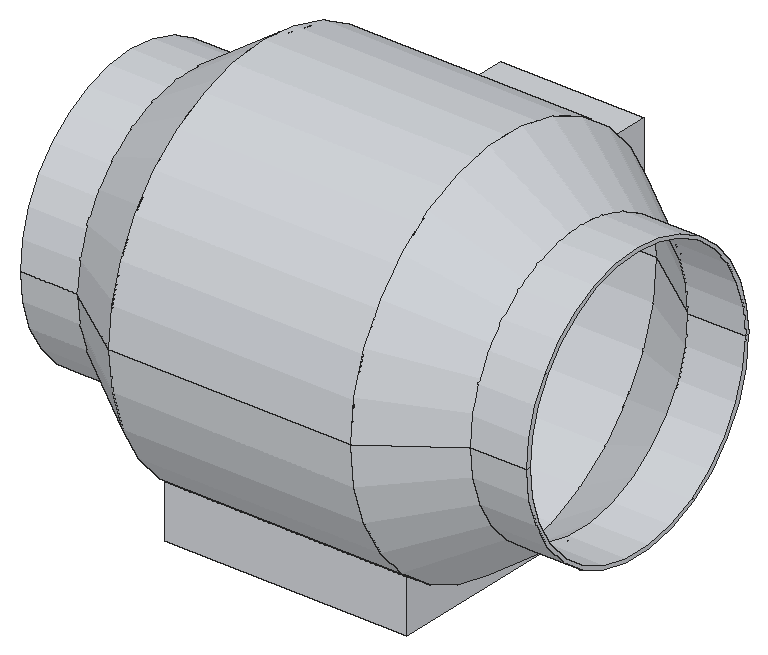
Revit family "VENTS TT PRO", category Mechanical Equipment, Revit 2020
Family settings
  Round Connector Dimension = Use Diameter
  Part Type = Breaks Into
  Work Plane-Based = No
  Always vertical = No
  Cut with Voids When Loaded = No
  Shared = No
  Room Calculation Point = No
Parameters (values of type "TT PRO 160")
  Угол = 60.00°
  Использовать масштаб аннотаций [instance] = 0
  Service zone = no
  Model = "ТТ PRO"
  Variable Speed Drive = no
  Sound Pressure Level at 3m  dBA (Min/Max) = "32/44"
  Service Zone 2 = 2 * LL1  # 289 mm
  Service Zone 1 = (R2 * 2) + 20 mm  # 240.2 mm
  Service Zone = R2 + 50 mm  # 160.1 mm
  Power min = 42 W
  Power max = 50 W
  PValue [instance] = 0.0 Pa
  Motor IP Rating = "IPX4"
  WW2 = 52 mm
  WW1 = 70 mm
  W = 500 mm
  Voltage = 230 V
  URL = "https://ventilation-system.com/product/tt-pro-160#characteristic"
  RR4 = 12 mm
  RR3 = 43.351 mm
  R3 = 49 mm
  R2 = 110.1 mm
  R1 = 79 mm
  Productdata [instance] = ""
  PE = 115 mm
  PC = 134 mm
  Manufacturer = "VENTS"
  Mass = 3.25 kg
  MC Product Code = "ТТ PRO 160"
  LL7 = 98 mm
  LL6 = 43 mm
  L8 = 82 mm
  LL4 = 41 mm
  LL3 = 69 mm
  LL2 = 112 mm
  LL1 = 144.5 mm
  Ingress Protection Rating = "IPX4"
  HH3 = R2  # 110.1 mm
  HH2 = 49 mm
  HH1 = 50 mm
  Description = "Inline mixed-flow fan"
  FlowMin = 415.0 m³/h
  FlowMax = 565.0 m³/h
  Flow [instance] = 565.0 m³/h
  EC motor = no
  Default Elevation = 0 mm
  D = 160 mm
  Current.Min = 0.19 A
  Current.Max = 0.22 A
  Certification = "by Manifacturer"
  CAT2 = yes
  CAT1 = yes
  CAT0 = yes
Types (7, lengths in mm): name | Service zone | Sound Pressure Level at 3m  dBA (Min/Max) | Service Zone 2 | Service Zone 1 | Service Zone | Power min | Power max | WW2 | WW1 | URL | RR3 | R2 | R1 | PE | PC | Mass | MC Product Code | LL6 | L8 | LL4 | LL3 | LL2 | LL1 | HH3 | HH2 | HH1 | FlowMin | FlowMax | Flow | D | Current.Min | Current.Max
  TT PRO 160 | no | "32/44" | 289 | 240.2 | 160.1 | 42 W | 50 W | 52 | 70 | "https://ventilation-system.com/product/tt-pro-160#characteristic" | 43.351 | 110.1 | 79 | 115 | 134 | 3.25 kg | "ТТ PRO 160" | 43 | 82 | 41 | 69 | 112 | 144.5 | 110.1 | 49 | 50 | 415.0 m³/h | 565.0 m³/h | 565.0 m³/h | 160 | 0.19 A | 0.22 A
  TT PRO 200 | no | "39/45" | 295.6 | 259 | 169.5 | 76 W | 108 W | 52 | 70 | "https://ventilation-system.com/product/tt-pro-200#characteristic" | 43.351 | 119.5 | 99.5 | 130 | 131 | 3.95 kg | "ТТ PRO 200" | 43 | 82 | 41 | 70 | 115 | 147.8 | 119.5 | 49 | 50 | 830.0 m³/h | 1040.0 m³/h | 1040.0 m³/h | 200 | 0.34 A | 0.48 A
  TT PRO 250 | yes | "44/51" | 383 | 307 | 193.5 | 125 W | 177 W | 72 | 70 | "https://ventilation-system.com/product/tt-pro-250#characteristic" | 50 | 143.5 | 123 | 153 | 170 | 7.80 kg | "ТТ PRO 250" | 88.5 | 108 | 54 | 119 | 150 | 191.5 | 143.5 | 49 | 50 | 1110.0 m³/h | 1400.0 m³/h | 1400.0 m³/h | 250 | 0.79 A | 0.54 A
  TT PRO 315 | yes | "41/52" | 445 | 382 | 231 | 230 W | 320 W | 102 | 100 | "https://ventilation-system.com/product/tt-315#characteristic" | 50 | 181 | 155 | 200 | 208 | 11.95 kg | "ТТ PRO 315" | 118 | 108 | 54 | 155 | 192 | 222.5 | 181 | 132 | 67.5 | 1570.0 m³/h | 2050.0 m³/h | 2050.0 m³/h | 315 | 1 A | 1.42 A
  TT PRO 150 | yes | "32/44" | 289 | 240.2 | 160.1 | 42 W | 50 W | 58 | 56 | "https://ventilation-system.com/product/tt-pro-150#characteristic" | 50 | 110.1 | 74 | 113 | 134 | 2.95 kg | "ТТ PRO 150" | 118 | 108 | 54 | 71 | 112 | 144.5 | 110.1 | 132 | 67.5 | 415.0 m³/h | 565.0 m³/h | 565.0 m³/h | 150 | 0.19 A | 0.22 A
  TT PRO 125 | yes | "29/34" | 258.6 | 215.6 | 147.8 | 25 W | 29 W | 52 | 50 | "https://ventilation-system.com/product/tt-pro-125#characteristic" | 31 | 97.8 | 61.5 | 103 | 123 | 2.15 kg | "ТТ PRO 125" | 43 | 82 | 41 | 67 | 100 | 129.3 | 97.8 | 49 | 50 | 240.0 m³/h | 350.0 m³/h | 350.0 m³/h | 125 | 0.11 A | 0.13 A
  TT PRO 100 | yes | "27/32" | 302.6 | 215.8 | 147.9 | 23 W | 25 W | 52 | 50 | "https://ventilation-system.com/product/tt-pro-100#characteristic" | 31 | 97.9 | 48.5 | 103 | 123 | 1.75 kg | "ТТ PRO 100" | 43 | 82 | 41 | 65 | 120 | 151.3 | 97.9 | 49 | 50 | 180.0 m³/h | 245.0 m³/h | 245.0 m³/h | 100 | 0.1 A | 0.11 A
Reference planes
  plane 1 "Center (Front/Back)": y = 0
  plane 2 "XYPLANE": z = 0
  plane 3 "Center (Left/Right)": x = 0
  plane 4 "219": y = 0
  plane 5 "218": z = -110.1
  plane 6 "217": y = -52
  plane 7 "216": y = 52
  plane 8 "215": z = -49
  plane 9 "214": y = -70
  plane 10 "213": y = 70
  plane 11 "212": z = -115
  plane 12 "211": x = -43
  plane 13 "210": y = 49
  plane 14 "209": z = 50
  plane 15 "208": z = -50
  plane 16 "207": y = 134
  plane 17 "206": x = -41
  plane 18 "205": z = 0
  plane 19 "204": y = 110.1
  plane 20 "203": y = 79
  plane 21 "202": x = 144.5
  plane 22 "201": x = 112
  plane 23 "200": x = 69
  plane 24 "199": x = -69
  plane 25 "198": x = -112
  plane 26 "197": x = -144.5
  plane 27: y = -50
  plane 28: y = 50
  plane 29: y = 0
  plane 30: y = 0
Forms (mm)
  Extrusion 1, solid, visible <- "CAT0", detail levels fine
    sketch origin (-41, -750, 0) x (0, 1, 0) y (0, 0, 1)
      loop
        arc (848.092, 50) -> (860.1, 0) -> (848.092, -50) r 110.1
        line (848.092, -50) -> (884, -50) -> (884, 50) -> (848.092, 50)
    from 0 to 82 <- "L8"
  Revolve 2, solid, visible <- "CAT0", detail levels medium+fine
    sketch origin (-147.5, 75, 0) x (0, 1, 0) y (-1, 0, 0)
      loop
        line (4, -3) -> (2, -3) -> (2, -35.931) -> (33.1, -78.931) -> (33.1, -216.069) -> (2, -259.069) -> (2, -292) -> (4, -292) -> (4, -259.5) -> (35.1, -216.5) -> (35.1, -78.5) -> (4, -35.5) -> (4, -3)
      axis (-75, -3) -> (-75, -292)
    angle from 0 to 360
  Extrusion 3, solid, not visible
    sketch origin (-144.5, -750, 0) x (0, 1, 0) y (0, 0, 1)
      loop
        circle (750, 0) r 10
    from 0 to 10
  Extrusion 4, solid, not visible
    sketch origin (144.5, -750, 0) x (0, 1, 0) y (0, 0, 1)
      loop
        circle (750, 0) r 10
    from 0 to -10
  Extrusion 5, solid, material "Service zone", visible <- "Service zone", detail levels medium+fine
    sketch origin (61.3, 0, 0) x (1, 0, 0) y (0, 0, 1)
      loop
        line (-205.8, 125.2) -> (-205.8, -146.113) -> (83.2, -146.113) -> (83.2, 125.2) -> (-205.8, 125.2)
    from 0 to -160.1
  Extrusion 6, solid, detail levels fine
    sketch origin (-41, -721.809, 3) x (0, 1, 0) y (0, 0, 1)
      loop
        line (651.809, -87.982) -> (651.809, -118) -> (791.809, -118) -> (791.809, -87.982)
        arc (791.809, -87.982) -> (721.809, -113.1) -> (651.809, -87.982) r 110.1
    from -28 to 110
Lines and regions (mm)
  model lines, detail levels coarse
    curve 1: line (-116.5, 0, 0) -> (-159.5, 0, 0)
    curve 2: line (138.584, 0, 0) -> (116.5, 0, 0)
    curve 3: circle (0, 0, 0) r 110.1 normal (0, 0, -1)
    curve 6: line (110.1, 0, 0) -> (-55.05, -95.349, 0)
    curve 7: line (-55.05, -95.349, 0) -> (-55.05, 95.349, 0)
    curve 8: line (-55.05, 95.349, 0) -> (110.1, 0, 0)
  model lines
    curve 4: line (110.1, 0, 0) -> (144.5, 0, 0)
    curve 5: line (-110.1, 0, 0) -> (-144.5, 0, 0)
    curve 9: line (110.1, 0, 0) -> (144.5, 0, 0)
    curve 10: line (-110.1, 0, 0) -> (-144.5, 0, 0)
    curve 11: line (-110.1, 0, 0) -> (-144.5, 0, 0)
Dimensions and locks
  locked: plane 1 "Center (Front/Back)" to plane 4 "219"
  "HH3": plane 2 "XYPLANE" to plane 5 "218"
  "WW2": plane 1 "Center (Front/Back)" to plane 6 "217"
  "WW2": plane 1 "Center (Front/Back)" to plane 7 "216"
  "HH2": plane 2 "XYPLANE" to plane 8 "215"
  "PE": plane 2 "XYPLANE" to plane 11 "212"
  "LL6": plane 3 "Center (Left/Right)" to plane 12 "211"
  "R3": plane 1 "Center (Front/Back)" to plane 13 "210"
  "HH1": plane 2 "XYPLANE" to plane 14 "209"
  "HH1": plane 2 "XYPLANE" to plane 15 "208"
  "PC": plane 1 "Center (Front/Back)" to plane 16 "207"
  "LL4": plane 3 "Center (Left/Right)" to plane 17 "206"
  locked: plane 2 "XYPLANE" to plane 18 "205"
  "R2": plane 1 "Center (Front/Back)" to plane 19 "204"
  "R1": plane 1 "Center (Front/Back)" to plane 20 "203"
  "LL1": plane 3 "Center (Left/Right)" to plane 21 "202"
  "LL2": plane 3 "Center (Left/Right)" to plane 22 "201"
  "LL3": plane 3 "Center (Left/Right)" to plane 23 "200"
  "LL3": plane 3 "Center (Left/Right)" to plane 24 "199"
  "LL2": plane 3 "Center (Left/Right)" to plane 25 "198"
  "LL1": plane 3 "Center (Left/Right)" to plane 26 "197"
  Extrusion 1 sketch curve to Extrusion 1 sketch curve = 0 mm  (x4)
  Revolve 2 sketch curve to Revolve 2 sketch curve = 0 mm  (x8)
  "Service Zone 1": Extrusion 5 to plane 11 "212"
  plane 4 "219" to plane 16 "207" = 134 mm
  "PE": level to Extrusion 6
  "WW1": Extrusion 6 sketch curve to Extrusion 5
  "WW1": Extrusion 5 to Extrusion 6 sketch curve
  "Service Zone": Extrusion 5 to Extrusion 5
  Extrusion 5 to level = 125.2 mm
  "R2": radius of Extrusion 6 sketch curve
  "R2": radius of Extrusion 1 sketch curve
  "R2": radius of curve 3
  "Угол": angle curve 7 to curve 8
  "Угол": angle curve 8 to curve 6
  aligned and locked: level to plane 2 "XYPLANE"
  aligned and locked: plane 16 "207" to Extrusion 1 sketch curve
  aligned and locked: plane 14 "209" to Extrusion 1 sketch curve
  aligned and locked: plane 15 "208" to Extrusion 1 sketch curve
  aligned and locked: Extrusion 1 sketch curve to plane 16 "207"
  aligned and locked: plane 26 "197" to Revolve 2 sketch curve
  aligned and locked: plane 25 "198" to Revolve 2 sketch curve
  aligned and locked: plane 20 "203" to Revolve 2 sketch curve  (x2)
  aligned and locked: plane 19 "204" to Revolve 2 sketch curve  (x2)
  aligned and locked: plane 24 "199" to Revolve 2 sketch curve
  aligned and locked: plane 23 "200" to Revolve 2 sketch curve
  aligned and locked: plane 22 "201" to Revolve 2 sketch curve
  aligned and locked: plane 21 "202" to Revolve 2 sketch curve
  aligned and locked: Extrusion 3 sketch curve to plane 4 "219"
  aligned and locked: plane 18 "205" to Extrusion 3 sketch curve
  aligned and locked: Extrusion 4 sketch curve to plane 4 "219"
  aligned and locked: plane 18 "205" to Extrusion 4 sketch curve
  aligned and locked: Extrusion 5 to plane 26 "197"
  aligned and locked: plane 21 "202" to Extrusion 5
  aligned and locked: plane 24 "199" to Extrusion 6
  aligned and locked: Extrusion 6 to plane 23 "200"
  aligned and locked: plane 1 "Center (Front/Back)" to Extrusion 5
Automatic sketch dimensions
  plane 1 "Center (Front/Back)" to Revolve 2 sketch curve = 0 mm
  Revolve 2 sketch curve to plane 20 "203" = 2 mm  (x2)
  Revolve 2 sketch curve to plane 22 "201" = 0.431 mm
  plane 24 "199" to Revolve 2 sketch curve = 0.431 mm
  Revolve 2 sketch curve to plane 19 "204" = 2 mm
  Revolve 2 sketch curve to plane 23 "200" = 0.431 mm
  plane 25 "198" to Revolve 2 sketch curve = 0.431 mm
  plane 3 "Center (Left/Right)" to Revolve 2 sketch curve = 10 mm
  plane 25 "198" to Revolve 2 sketch curve = 19.5 mm
  plane 1 "Center (Front/Back)" to Extrusion 3 sketch curve = 10 mm
  plane 1 "Center (Front/Back)" to Extrusion 4 sketch curve = 10 mm
  plane 26 "197" to Extrusion 5 sketch curve = 0 mm
  plane 21 "202" to Extrusion 5 sketch curve = 0 mm
  Extrusion 5 sketch curve to plane 11 "212" = 31.113 mm
  plane 14 "209" to Extrusion 5 sketch curve = 75.2 mm
  curve 1 to level = 0 mm
  curve 2 to level = 0 mm
  curve 1 to plane 26 "197" = 15 mm
  curve 1 to plane 25 "198" = 4.5 mm
  plane 22 "201" to curve 2 = 4.5 mm
  curve 2 to plane 21 "202" = 5.916 mm
  Extrusion 1 sketch curve to level = 0 mm
  Extrusion 1 sketch curve to plane 1 "Center (Front/Back)" = 0 mm
  Extrusion 6 sketch curve to level = 0 mm
  Extrusion 6 sketch curve to plane 1 "Center (Front/Back)" = 0 mm
  Extrusion 6 sketch curve to plane 11 "212" = 0 mm
  plane 1 "Center (Front/Back)" to curve 5 = 0 mm
  plane 1 "Center (Front/Back)" to curve 6 = 0 mm
  plane 1 "Center (Front/Back)" to curve 4 = 0 mm
  plane 1 "Center (Front/Back)" to curve 11 = 0 mm
  curve 4 to plane 21 "202" = 0 mm
  curve 3 to plane 3 "Center (Left/Right)" = 0 mm
  curve 10 to plane 26 "197" = 0 mm
  curve 11 to plane 26 "197" = 0 mm
Connectors
  hvac at (-144.5, 0, 0), driven by "D"
    settings: on Extrusion 3, index 1, duct flow 0.0 m³/h, flow factor 0, pres drop 0.0 Pa, loss coef 0, conn angle 0.00°, conn width 304.8 mm, conn height 304.8 mm, conn diameter 160 mm, duct sys type 29, conn prof type 0, flow config 0, flow direction 1, loss method 0, conn ref index 2, conn util no, is conn primary yes, conn desc ""
  hvac at (144.5, 0, 0), driven by "D"
    settings: on Extrusion 4, index 2, duct flow 0.0 m³/h, flow factor 0, pres drop 0.0 Pa, loss coef 0, conn angle 0.00°, conn width 304.8 mm, conn height 304.8 mm, conn diameter 160 mm, duct sys type 29, conn prof type 0, flow config 0, flow direction 2, loss method 0, conn ref index 1, conn util no, is conn primary no, conn desc ""
  cabletrayconduit at (0, 116.046, 50), diameter 25
    settings: on Extrusion 1, index 3, connector width 300 mm, connector height 300 mm, connector angle 0.00°, system type 32, placement type 0, profile type 0, connector reference index -1, is primary connector yes, connector utility param no, connector description ""
